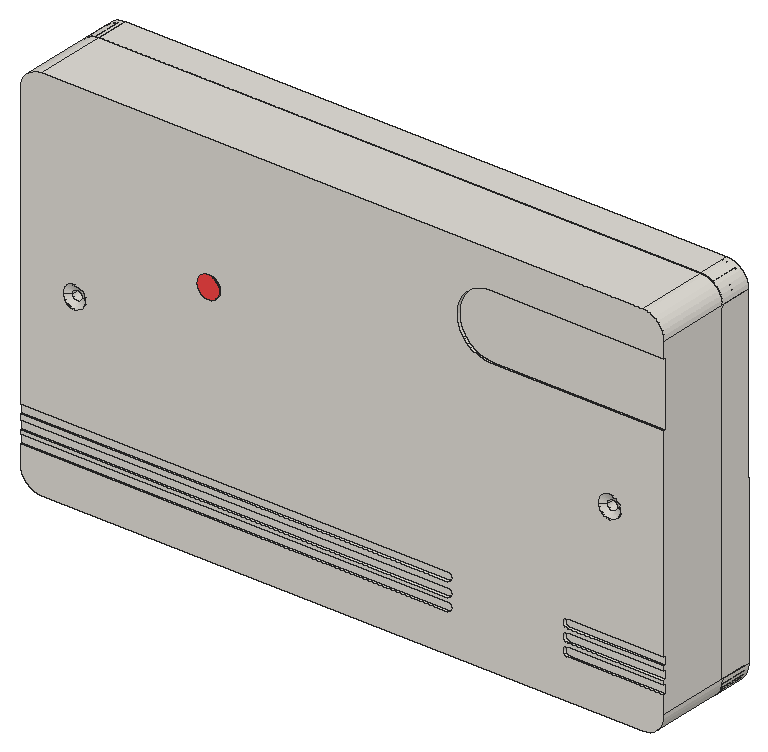
Revit family "TYCO-FPP-Zettler-DDM800 Universal fire and gas module", category Electrical Fixtures, Revit 2014
Parameters (values of type "TYCO-FPP-Zettler-DDM800 Universal fire and gas module")
  Width = 84 mm  # constant formula
  URL = "https://tycosafetyproducts-anz.com/public/Datasheet/120-415-963-ddm800-install.pdf"
  Type Comments = "An integral line\r\nisolator is incorporated in the module."
  Storage Temperature = "-40 to +80 oC"
  Sense Resistor = "Value 220 O hms"
  S = SS1
  Rear cover = yes
  RT = RT
  PCB = PCB
  Operating Temperature = "-25 to +70 oC"
  Operating Humidity = "Up to 95 % RH"
  Model = "Zettler - 577.800.006"
  Manufacturer = "Tyco"
  Loop Voltage Min = "28 V DC"
  Loop Voltage Max = "40 V DC"
  Length = 61 mm  # constant formula
  Keynote = "The DDM800 is compatible with MZX Consys version 15\r\nor later."
  Front cover = yes
  EOLs = "Conventional Circuit: 4,7 kOhms"
  Detector Circuit Supply Voltage = "22V nominal, 22.5V max"
  Detector Circuit Current Limit = "25 mA"
  Description = "The DDM800 provides the ability to connect and\r\ninterface 2 zones of conventional 2 wire fire detectors or\r\ntwo 4-20mA sensors to the MZX Fire alarm controllers."
Reference planes
  plane 1 "Center (Front/Back)": y = 0
  plane 2: z = 0
  plane 3 "Center (Left/Right)": x = 0
  plane 4: x = -42
  plane 5: x = 42
  plane 6: z = 30.5
  plane 7: z = -30.5
Forms (mm)
  Extrusion 1, solid, material "PCB" <- "PCB", detail levels fine
    sketch origin (0, 0, 0) x (1, 0, 0) y (0, 0, 1)
      loop
        line (-42, 30.5) -> (-42, -30.5) -> (42, -30.5) -> (42, 30.5) -> (-42, 30.5)
      loop
        circle (38.218, 27.142) r 1.142
      loop
        circle (38.218, -27.142) r 1.142
      loop
        circle (-38.218, 14.487) r 1.142
      loop
        circle (-38.218, -27.142) r 1.142
    from 0 to -0.547
  Extrusion 2, solid, detail levels fine
    sketch origin (0, 0, 0) x (1, 0, 0) y (0, 0, 1)
      loop
        circle (-28.075, 5.789) r 2.72
      loop
        circle (-18.075, 5.789) r 2.72
      loop
        circle (23.205, 5.789) r 2.72
      loop
        circle (36.346, 9.849) r 2.72
      loop
        circle (5.791, -24.211) r 2.72
    from 0 to 4.051
  Extrusion 3, solid, material "RT" <- "RT", detail levels fine
    sketch origin (0, 0, 0) x (1, 0, 0) y (0, 0, 1)
      loop
        line (37.735, 3.439) -> (32.735, 3.439) -> (32.735, 1.302) -> (37.735, 1.302) -> (37.735, 3.439)
      loop
        line (37.735, -11.518) -> (32.735, -11.518) -> (32.735, -14.402) -> (37.735, -14.402) -> (37.735, -11.518)
      loop
        line (21.816, -10.343) -> (14.338, -10.343) -> (14.338, -17.928) -> (21.816, -17.928) -> (21.816, -10.343)
      loop
        line (-24.977, 1.302) -> (-32.455, 1.302) -> (-32.455, -6.71) -> (-24.977, -6.71) -> (-24.977, 1.302)
      loop
        line (-35.126, -19.424) -> (-40.126, -19.424) -> (-40.126, -22.094) -> (-35.126, -22.094) -> (-35.126, -19.424)
      loop
        line (4.509, 17.221) -> (-1.473, 17.221) -> (-1.473, 10.063) -> (4.509, 10.063) -> (4.509, 17.221)
      loop
        line (-21.131, 17.221) -> (-21.131, 14.122) -> (-15.041, 14.122) -> (-15.041, 17.221) -> (-21.131, 17.221)
      loop
        line (-1.473, 1.302) -> (-1.473, -6.71) -> (6.005, -6.71) -> (6.005, 1.302) -> (-1.473, 1.302)
      loop
        line (-10.341, -12.907) -> (-18.567, -12.907) -> (-18.567, -19.424) -> (-10.341, -19.424) -> (-10.341, -12.907)
      loop
        line (-0.704, -15.41) -> (-0.704, -12.907) -> (-6.202, -12.907) -> (-6.202, -15.41) -> (-0.704, -15.41)
      loop
        line (-18.567, -28.045) -> (-15.769, -28.045) -> (-15.769, -22.094) -> (-18.567, -22.094) -> (-18.567, -28.045)
    from 0 to 0.639
  Extrusion 4, solid, material "RT(1)", detail levels fine
    sketch origin (0, 0, 0) x (1, 0, 0) y (0, 0, 1)
      loop
        line (6.958, 0.794) -> (6.958, -0.706) -> (9.609, -0.706) -> (9.609, 0.794) -> (6.958, 0.794)
      loop
        line (6.958, -1.437) -> (6.958, -2.937) -> (9.609, -2.937) -> (9.609, -1.437) -> (6.958, -1.437)
      loop
        line (6.958, -3.611) -> (6.958, -5.111) -> (9.609, -5.111) -> (9.609, -3.611) -> (6.958, -3.611)
    from 0 to 0.639
  Extrusion 5, solid, material "SS1" <- "S", detail levels fine
    sketch origin (-42, 46.672, 1219.2) x (0, 1, 0) y (0, 0, 1)
      loop
        line (-46.672, -1188.212) -> (-50.481, -1188.212) -> (-52.665, -1190.396) -> (-52.665, -1195.051) -> (-49.504, -1198.212) -> (-46.672, -1198.212) -> (-46.672, -1188.212)
    from 9.545 to 71.914
  Extrusion 6, solid, material "S(1)", detail levels fine
    sketch origin (-42, -3.558, 30.988) x (0, 1, 0) y (-1, 0, 0)
      loop
        line (-0.665, -10.64) -> (-2.126, -10.64) -> (-2.126, -13.562) -> (-0.665, -13.562) -> (-0.665, -10.64)
      loop
        line (-0.665, -14.057) -> (-2.126, -14.057) -> (-2.126, -16.98) -> (-0.665, -16.98) -> (-0.665, -14.057)
      loop
        line (-0.665, -17.497) -> (-2.126, -17.497) -> (-2.126, -20.42) -> (-0.665, -20.42) -> (-0.665, -17.497)
      loop
        line (-0.665, -20.915) -> (-2.126, -20.915) -> (-2.126, -23.837) -> (-0.665, -23.837) -> (-0.665, -20.915)
      loop
        line (-0.665, -24.347) -> (-2.126, -24.347) -> (-2.126, -27.269) -> (-0.665, -27.269) -> (-0.665, -24.347)
      loop
        line (-0.665, -27.764) -> (-2.126, -27.764) -> (-2.126, -30.687) -> (-0.665, -30.687) -> (-0.665, -27.764)
      loop
        line (-0.665, -31.204) -> (-2.126, -31.204) -> (-2.126, -34.127) -> (-0.665, -34.127) -> (-0.665, -31.204)
      loop
        line (-0.665, -34.622) -> (-2.126, -34.622) -> (-2.126, -37.544) -> (-0.665, -37.544) -> (-0.665, -34.622)
      loop
        line (-0.665, -38.064) -> (-2.126, -38.064) -> (-2.126, -40.986) -> (-0.665, -40.986) -> (-0.665, -38.064)
      loop
        line (-0.665, -71.036) -> (-0.665, -68.114) -> (-2.126, -68.114) -> (-2.126, -71.036) -> (-0.665, -71.036)
      loop
        line (-0.665, -67.44) -> (-0.665, -64.518) -> (-2.126, -64.518) -> (-2.126, -67.44) -> (-0.665, -67.44)
      loop
        line (-0.665, -63.866) -> (-0.665, -60.944) -> (-2.126, -60.944) -> (-2.126, -63.866) -> (-0.665, -63.866)
      loop
        line (-0.665, -60.278) -> (-0.665, -57.356) -> (-2.126, -57.356) -> (-2.126, -60.278) -> (-0.665, -60.278)
      loop
        line (-0.665, -56.705) -> (-0.665, -53.782) -> (-2.126, -53.782) -> (-2.126, -56.705) -> (-0.665, -56.705)
      loop
        line (-0.665, -53.108) -> (-0.665, -50.186) -> (-2.126, -50.186) -> (-2.126, -53.108) -> (-0.665, -53.108)
      loop
        line (-0.665, -49.535) -> (-0.665, -46.612) -> (-2.126, -46.612) -> (-2.126, -49.535) -> (-0.665, -49.535)
      loop
        line (-0.665, -45.936) -> (-0.665, -43.014) -> (-2.126, -43.014) -> (-2.126, -45.936) -> (-0.665, -45.936)
    from -2.706 to -0.488
  Extrusion 7, solid, material "S(1)", detail levels fine
    sketch origin (-42, -3.04, 21.196) x (0, -0.707107, 0.707107) y (-1, 0, 0)
      loop
        circle (1.88, -11.989) r 1.397
      loop
        circle (1.88, -15.458) r 1.397
      loop
        circle (1.88, -18.925) r 1.397
      loop
        circle (1.88, -22.393) r 1.397
      loop
        circle (1.88, -25.848) r 1.397
      loop
        circle (1.88, -29.316) r 1.397
      loop
        circle (1.88, -32.784) r 1.397
      loop
        circle (1.88, -36.174) r 1.397
      loop
        circle (1.88, -39.511) r 1.397
      loop
        circle (1.88, -69.792) r 1.397
      loop
        circle (1.88, -66.169) r 1.397
      loop
        circle (1.88, -62.544) r 1.397
      loop
        circle (1.88, -59.089) r 1.397
      loop
        circle (1.88, -55.465) r 1.397
      loop
        circle (1.88, -51.841) r 1.397
      loop
        circle (1.88, -48.295) r 1.397
      loop
        circle (1.88, -44.489) r 1.397
    from -0.508 to 0.433
Cuts and joins
  joined: Extrusion 6, Extrusion 7
Lines and regions (mm)
  model lines, detail levels fine
    curve 1: line (-34.583, 0, 11.31) -> (-5.738, 0, 11.31)
    curve 2: line (-5.738, 0, 11.31) -> (-4.443, 0, 6.48)
    curve 3: line (-4.443, 0, 6.48) -> (5.557, 0, 6.48)
    curve 4: line (-34.583, 0, 11.81) -> (-5.354, 0, 11.81)
    curve 5: line (-5.354, 0, 11.81) -> (-4.06, 0, 6.98)
    curve 6: line (-4.06, 0, 6.98) -> (5.557, 0, 6.98)
    curve 7: line (-38.254, 0, 6.48) -> (-38.254, 0, -13.52)
    curve 8: line (-38.254, 0, -13.52) -> (-28.254, 0, -13.52)
    curve 9: line (-28.254, 0, -13.52) -> (-24.718, 0, -17.056)
    curve 10: line (-24.718, 0, -17.056) -> (-18.567, 0, -17.056)
    curve 11: line (-37.754, 0, 6.48) -> (-37.754, 0, -13.02)
    curve 12: line (-37.754, 0, -13.02) -> (-28.047, 0, -13.02)
    curve 13: line (-28.047, 0, -13.02) -> (-24.511, 0, -16.556)
    curve 14: line (-24.511, 0, -16.556) -> (-18.567, 0, -16.556)
    curve 15: line (-35.2, 0, -9.374) -> (-26.542, 0, -9.374)
    curve 16: line (-26.542, 0, -9.374) -> (-23.329, 0, -12.587)
    curve 17: line (-23.329, 0, -12.587) -> (-18.788, 0, -12.587)
    curve 18: line (-35.2, 0, -9.874) -> (-26.75, 0, -9.874)
    curve 19: line (-26.75, 0, -9.874) -> (-23.536, 0, -13.087)
    curve 20: line (-23.536, 0, -13.087) -> (-18.788, 0, -13.087)
    curve 21: line (-22.88, 0, -5.089) -> (-10.185, 0, -5.089)
    curve 22: line (-10.185, 0, -5.089) -> (-8.855, 0, -2.784)
    curve 23: line (-8.855, 0, -2.784) -> (-7.052, 0, -2.784)
    curve 24: line (-22.88, 0, -4.589) -> (-10.474, 0, -4.589)
    curve 25: line (-10.474, 0, -4.589) -> (-9.143, 0, -2.284)
    curve 26: line (-9.143, 0, -2.284) -> (-7.052, 0, -2.284)
    curve 27: line (-7.052, 0, -19.347) -> (-7.052, 0, -24.976)
    curve 28: line (-5.309, 0, -26.718) -> (4.738, 0, -26.718)
    curve 29: line (-6.552, 0, -19.347) -> (-6.552, 0, -24.803)
    curve 30: line (-5.136, 0, -26.218) -> (4.738, 0, -26.218)
    curve 31: arc (-6.552, 0, -24.803) -> (-6.137, 0, -25.804) -> (-5.136, 0, -26.218) r 1.415
    curve 32: arc (-7.052, 0, -24.976) -> (-6.541, 0, -26.208) -> (-5.309, 0, -26.718) r 1.743
    curve 33: line (2.477, 0, -19.347) -> (11.655, 0, -19.347)
    curve 34: line (11.655, 0, -19.347) -> (15.985, 0, -21.847)
    curve 35: line (15.985, 0, -21.847) -> (27.414, 0, -21.847)
    curve 36: line (27.414, 0, -21.847) -> (29.914, 0, -19.347)
    curve 37: line (29.914, 0, -19.347) -> (36.149, 0, -19.347)
    curve 38: line (2.477, 0, -19.847) -> (11.521, 0, -19.847)
    curve 39: line (11.521, 0, -19.847) -> (15.851, 0, -22.347)
    curve 40: line (15.851, 0, -22.347) -> (27.621, 0, -22.347)
    curve 41: line (27.621, 0, -22.347) -> (30.121, 0, -19.847)
    curve 42: line (30.121, 0, -19.847) -> (36.161, 0, -19.847)
    curve 43: line (13.548, 0, -24.62) -> (33.548, 0, -24.62)
    curve 44: line (13.548, 0, -25.12) -> (33.569, 0, -25.12)
    curve 45: line (14.189, 0, 0.994) -> (24.189, 0, 0.994)
    curve 46: line (24.189, 0, 0.994) -> (34.725, 0, -5.089)
    curve 47: line (34.725, 0, -5.089) -> (34.725, 0, -11.518)
    curve 48: line (14.189, 0, 1.494) -> (24.323, 0, 1.494)
    curve 49: line (24.323, 0, 1.494) -> (35.225, 0, -4.8)
    curve 50: line (35.225, 0, -4.8) -> (35.225, 0, -11.518)
    curve 51: line (12.235, 0, -3.709) -> (22.985, 0, -3.709)
    curve 52: line (22.985, 0, -3.709) -> (26.857, 0, -5.945)
    curve 53: line (26.857, 0, -5.945) -> (31.353, 0, -5.945)
    curve 54: line (12.235, 0, -4.209) -> (22.851, 0, -4.209)
    curve 55: line (22.851, 0, -4.209) -> (26.723, 0, -6.445)
    curve 56: line (26.723, 0, -6.445) -> (31.353, 0, -6.445)
    curve 57: line (9.725, 0, 11.81) -> (29.725, 0, 11.81)
    curve 58: line (29.725, 0, 11.81) -> (31.353, 0, 14.63)
    curve 59: line (31.353, 0, 14.63) -> (40.676, 0, 14.63)
    curve 60: line (9.725, 0, 12.31) -> (29.437, 0, 12.31)
    curve 61: line (29.437, 0, 12.31) -> (31.065, 0, 15.13)
    curve 62: line (31.065, 0, 15.13) -> (40.676, 0, 15.13)
    curve 63: line (-34.583, 0, 11.31) -> (-35.541, 0, 11.31)
    curve 64: line (-34.583, 0, 12.388) -> (-34.583, 0, 11.31)
    curve 65: line (-35.541, 0, 12.388) -> (-34.583, 0, 12.388)
    curve 66: line (-35.541, 0, 11.31) -> (-35.541, 0, 12.388)
    curve 67: line (-38.254, 0, 6.48) -> (-37.272, 0, 6.48)
    curve 68: line (-38.254, 0, 7.52) -> (-38.254, 0, 6.48)
    curve 69: line (-37.272, 0, 7.52) -> (-38.254, 0, 7.52)
    curve 70: line (-37.272, 0, 6.48) -> (-37.272, 0, 7.52)
    curve 71: line (5.557, 0, 6.48) -> (6.91, 0, 6.48)
    curve 72: line (5.557, 0, 7.986) -> (5.557, 0, 6.48)
    curve 73: line (6.91, 0, 7.986) -> (5.557, 0, 7.986)
    curve 74: line (6.91, 0, 6.48) -> (6.91, 0, 7.986)
    curve 75: line (9.725, 0, 11.81) -> (8.368, 0, 11.81)
    curve 76: line (9.725, 0, 13.422) -> (9.725, 0, 11.81)
    curve 77: line (8.368, 0, 13.422) -> (9.725, 0, 13.422)
    curve 78: line (8.368, 0, 11.81) -> (8.368, 0, 13.422)
    curve 79: line (40.676, 0, 14.63) -> (41.036, 0, 14.63)
    curve 80: line (40.676, 0, 18.006) -> (40.676, 0, 15.13)
    curve 81: line (41.036, 0, 18.006) -> (40.676, 0, 18.006)
    curve 82: line (41.036, 0, 14.63) -> (41.036, 0, 18.006)
    curve 83: line (14.189, 0, 0.994) -> (12.235, 0, 0.994)
    curve 84: line (14.189, 0, 3.41) -> (14.189, 0, 0.994)
    curve 85: line (12.235, 0, 3.41) -> (14.189, 0, 3.41)
    curve 86: line (12.235, 0, 0.994) -> (12.235, 0, 3.41)
    curve 87: line (12.235, 0, -4.209) -> (11.296, 0, -4.209)
    curve 88: line (12.235, 0, -3.29) -> (12.235, 0, -4.209)
    curve 89: line (11.296, 0, -3.29) -> (12.235, 0, -3.29)
    curve 90: line (11.296, 0, -4.209) -> (11.296, 0, -3.29)
    curve 91: line (31.353, 0, -5.945) -> (32.336, 0, -5.945)
    curve 92: line (31.353, 0, -7.372) -> (31.353, 0, -5.945)
    curve 93: line (32.336, 0, -7.372) -> (31.353, 0, -7.372)
    curve 94: line (32.336, 0, -5.945) -> (32.336, 0, -7.372)
    curve 95: circle (-6.441, 0, -2.515) r 0.864 normal (0, -1, 0)
    curve 96: circle (-23.458, 0, -4.859) r 0.818 normal (0, -1, 0)
    curve 97: line (-35.2, 0, -9.874) -> (-36.218, 0, -9.874)
    curve 98: line (-35.2, 0, -8.494) -> (-35.2, 0, -9.874)
    curve 99: line (-36.218, 0, -8.494) -> (-35.2, 0, -8.494)
    curve 100: line (-36.218, 0, -9.874) -> (-36.218, 0, -8.494)
    curve 101: line (-7.052, 0, -19.347) -> (-5.443, 0, -19.347)
    curve 102: line (-7.052, 0, -18.028) -> (-7.052, 0, -19.347)
    curve 103: line (-5.443, 0, -18.028) -> (-7.052, 0, -18.028)
    curve 104: line (-5.443, 0, -19.347) -> (-5.443, 0, -18.028)
    curve 105: line (2.477, 0, -19.847) -> (1.451, 0, -19.847)
    curve 106: line (2.477, 0, -18.453) -> (2.477, 0, -19.847)
    curve 107: line (1.451, 0, -18.453) -> (2.477, 0, -18.453)
    curve 108: line (1.451, 0, -19.847) -> (1.451, 0, -18.453)
    curve 109: line (13.548, 0, -25.12) -> (11.779, 0, -25.12)
    curve 110: line (13.548, 0, -23.973) -> (13.548, 0, -25.12)
    curve 111: line (11.779, 0, -23.973) -> (13.548, 0, -23.973)
    curve 112: line (11.779, 0, -25.12) -> (11.779, 0, -23.973)
    curve 113: circle (34.418, 0, -24.835) r 0.896 normal (0, -1, 0)
    curve 114: circle (37.021, 0, -19.576) r 0.901 normal (0, -1, 0)
  model lines, detail levels coarse+medium
    curve 115: line (-42, 0, 30.5) -> (42, 0, 30.5)
    curve 116: line (-42, 0, -30.5) -> (-42, 0, 30.5)
    curve 117: line (42, 0, -30.5) -> (-42, 0, -30.5)
    curve 118: line (42, 0, 30.5) -> (42, 0, -30.5)
Dimensions and locks
  equal spacing: plane 4, plane 3 "Center (Left/Right)", plane 5
  "Width": plane 4 to plane 5
  equal spacing: plane 6, plane 2, plane 7
  "Length": plane 6 to plane 7
  aligned and locked: level to plane 2
  aligned and locked: Extrusion 1 sketch curve to plane 6
  aligned and locked: plane 4 to Extrusion 1 sketch curve
  aligned and locked: Extrusion 1 sketch curve to plane 7
  aligned and locked: plane 5 to Extrusion 1 sketch curve
  aligned and locked: plane 1 "Center (Front/Back)" to Extrusion 1
  aligned and locked: Extrusion 2 to plane 1 "Center (Front/Back)"
  aligned and locked: Extrusion 3 to plane 1 "Center (Front/Back)"
  aligned and locked: Extrusion 4 to plane 1 "Center (Front/Back)"
  aligned and locked: curve 115 to plane 6
  aligned and locked: plane 5 to curve 118
  aligned and locked: curve 117 to plane 7
  aligned and locked: plane 4 to curve 116
  aligned and locked: plane 3 "Center (Left/Right)" to nested 1
  aligned and locked: nested 1 to Extrusion 1
  aligned and locked: plane 2 to nested 1
  aligned and locked: nested 2 to nested 1
  aligned and locked: plane 3 "Center (Left/Right)" to nested 2
  aligned and locked: plane 2 to nested 2
Automatic sketch dimensions
  plane 4 to Extrusion 1 sketch curve = 3.782 mm  (x2)
  plane 5 to Extrusion 1 sketch curve = 3.782 mm  (x2)
  Extrusion 1 sketch curve to plane 7 = 3.358 mm  (x2)
  Extrusion 1 sketch curve to plane 6 = 3.358 mm
  Extrusion 1 sketch curve to plane 6 = 16.013 mm
  level to Extrusion 2 sketch curve = 5.789 mm  (x3)
  plane 4 to Extrusion 2 sketch curve = 13.925 mm
  Extrusion 2 sketch curve to Extrusion 2 sketch curve = 10 mm
  Extrusion 2 sketch curve to plane 7 = 6.289 mm
  plane 5 to Extrusion 2 sketch curve = 36.209 mm
  plane 5 to Extrusion 2 sketch curve = 18.795 mm
  plane 5 to Extrusion 2 sketch curve = 5.654 mm
  level to Extrusion 2 sketch curve = 9.849 mm
  plane 4 to Extrusion 3 sketch curve = 1.874 mm
  Extrusion 3 sketch curve to Extrusion 3 sketch curve = 5 mm
  plane 4 to Extrusion 3 sketch curve = 9.545 mm
  level to Extrusion 3 sketch curve = 1.302 mm  (x3)
  Extrusion 3 sketch curve to Extrusion 3 sketch curve = 7.478 mm  (x2)
  Extrusion 3 sketch curve to Extrusion 3 sketch curve = 3.846 mm
  Extrusion 3 sketch curve to plane 7 = 2.455 mm
  Extrusion 3 sketch curve to Extrusion 3 sketch curve = 16.559 mm
  Extrusion 3 sketch curve to Extrusion 3 sketch curve = 6.41 mm
  Extrusion 3 sketch curve to Extrusion 3 sketch curve = 2.798 mm
  Extrusion 3 sketch curve to Extrusion 3 sketch curve = 6.09 mm
  Extrusion 3 sketch curve to Extrusion 3 sketch curve = 8.226 mm
  Extrusion 3 sketch curve to Extrusion 3 sketch curve = 4.139 mm
  Extrusion 3 sketch curve to plane 3 "Center (Left/Right)" = 1.473 mm  (x2)
  Extrusion 3 sketch curve to plane 3 "Center (Left/Right)" = 0.704 mm
  plane 3 "Center (Left/Right)" to Extrusion 3 sketch curve = 4.509 mm
  plane 3 "Center (Left/Right)" to Extrusion 3 sketch curve = 6.005 mm
  Extrusion 3 sketch curve to Extrusion 3 sketch curve = 8.333 mm
  level to Extrusion 3 sketch curve = 3.439 mm
  plane 5 to Extrusion 3 sketch curve = 9.265 mm  (x2)
  plane 5 to Extrusion 3 sketch curve = 4.265 mm  (x2)
  Extrusion 3 sketch curve to Extrusion 3 sketch curve = 5.951 mm
  Extrusion 3 sketch curve to plane 7 = 8.406 mm
  Extrusion 3 sketch curve to Extrusion 3 sketch curve = 2.671 mm  (x2)
  Extrusion 3 sketch curve to plane 7 = 12.572 mm
  Extrusion 3 sketch curve to Extrusion 3 sketch curve = 4.014 mm
  Extrusion 3 sketch curve to Extrusion 3 sketch curve = 3.526 mm
  Extrusion 3 sketch curve to Extrusion 3 sketch curve = 2.503 mm  (x2)
  Extrusion 3 sketch curve to Extrusion 3 sketch curve = 2.885 mm
  Extrusion 3 sketch curve to Extrusion 3 sketch curve = 7.585 mm
  Extrusion 3 sketch curve to Extrusion 3 sketch curve = 6.196 mm
  Extrusion 3 sketch curve to level = 6.71 mm
  Extrusion 3 sketch curve to Extrusion 3 sketch curve = 8.76 mm
  Extrusion 3 sketch curve to Extrusion 3 sketch curve = 12.82 mm
  Extrusion 3 sketch curve to Extrusion 3 sketch curve = 7.158 mm
  Extrusion 3 sketch curve to Extrusion 3 sketch curve = 3.098 mm
  level to Extrusion 4 sketch curve = 0.794 mm
  plane 3 "Center (Left/Right)" to Extrusion 4 sketch curve = 6.958 mm
  Extrusion 4 sketch curve to Extrusion 4 sketch curve = 0 mm  (x4)
  Extrusion 4 sketch curve to Extrusion 4 sketch curve = 2.651 mm
  Extrusion 4 sketch curve to level = 0.706 mm
  Extrusion 4 sketch curve to Extrusion 4 sketch curve = 0.731 mm
  Extrusion 4 sketch curve to Extrusion 4 sketch curve = 1.5 mm  (x2)
  Extrusion 4 sketch curve to Extrusion 4 sketch curve = 0.674 mm
  Extrusion 5 sketch curve to plane 1 "Center (Front/Back)" = 0 mm
  Extrusion 5 sketch curve to Extrusion 5 sketch curve = 2.832 mm
  plane 6 to Extrusion 5 sketch curve = 0.488 mm
  Extrusion 5 sketch curve to Extrusion 5 sketch curve = 3.809 mm
  Extrusion 5 sketch curve to Extrusion 5 sketch curve = 3.161 mm  (x2)
  Extrusion 5 sketch curve to plane 6 = 1.696 mm
  Extrusion 5 sketch curve to Extrusion 5 sketch curve = 4.655 mm
  Extrusion 5 to Extrusion 6 sketch curve = 1.875 mm  (x2)
  Extrusion 6 sketch curve to Extrusion 6 sketch curve = 0 mm  (x15)
  Extrusion 5 to Extrusion 6 sketch curve = 0.414 mm  (x17)
  Extrusion 6 sketch curve to Extrusion 6 sketch curve = 2.922 mm  (x17)
  Extrusion 6 sketch curve to Extrusion 6 sketch curve = 0.674 mm  (x2)
  Extrusion 6 sketch curve to Extrusion 6 sketch curve = 0.651 mm  (x3)
  Extrusion 6 sketch curve to Extrusion 6 sketch curve = 0.666 mm
  Extrusion 6 sketch curve to Extrusion 6 sketch curve = 0.676 mm
  Extrusion 6 sketch curve to Extrusion 6 sketch curve = 2.027 mm
  Extrusion 6 sketch curve to Extrusion 6 sketch curve = 0.52 mm
  Extrusion 6 sketch curve to Extrusion 6 sketch curve = 0.495 mm  (x4)
  Extrusion 6 sketch curve to Extrusion 6 sketch curve = 0.518 mm  (x2)
  Extrusion 6 sketch curve to Extrusion 6 sketch curve = 0.51 mm
  Extrusion 5 to Extrusion 6 sketch curve = 1.095 mm
  Extrusion 7 sketch curve to Extrusion 5 = 2.175 mm  (x17)
  Extrusion 5 to Extrusion 7 sketch curve = 2.122 mm
  Extrusion 7 sketch curve to Extrusion 7 sketch curve = 3.624 mm  (x4)
  Extrusion 7 sketch curve to Extrusion 7 sketch curve = 3.455 mm  (x2)
  Extrusion 7 sketch curve to Extrusion 7 sketch curve = 3.546 mm
  Extrusion 7 sketch curve to Extrusion 7 sketch curve = 3.806 mm
  Extrusion 7 sketch curve to Extrusion 7 sketch curve = 4.977 mm
  Extrusion 7 sketch curve to Extrusion 7 sketch curve = 3.338 mm
  Extrusion 7 sketch curve to Extrusion 7 sketch curve = 3.39 mm
  Extrusion 7 sketch curve to Extrusion 7 sketch curve = 3.467 mm  (x2)
  Extrusion 7 sketch curve to Extrusion 7 sketch curve = 3.468 mm  (x2)
  Extrusion 5 to Extrusion 7 sketch curve = 2.445 mm
  plane 4 to curve 69 = 3.746 mm
  curve 7 to curve 11 = 0.5 mm  (x2)
  curve 11 to curve 70 = 0.482 mm
  curve 11 to curve 100 = 1.536 mm
  curve 69 to curve 66 = 1.732 mm
  curve 99 to curve 98 = 1.018 mm
  curve 65 to curve 65 = 0.958 mm
  curve 18 to curve 9 = 6.946 mm
  curve 8 to curve 12 = 0.207 mm
  curve 12 to curve 19 = 1.297 mm
  curve 18 to curve 16 = 0.207 mm
  curve 8 to curve 9 = 3.536 mm
  curve 9 to curve 13 = 0.207 mm
  curve 13 to curve 20 = 0.975 mm
  curve 15 to curve 96 = 3.084 mm
  curve 19 to curve 17 = 0.207 mm
  curve 25 to level = 4.589 mm
  curve 25 to plane 3 "Center (Left/Right)" = 10.474 mm
  curve 22 to level = 5.089 mm
  curve 24 to curve 22 = 0.289 mm
  curve 25 to level = 2.284 mm
  curve 24 to curve 25 = 1.331 mm
  curve 25 to curve 23 = 0.289 mm
  curve 102 to plane 3 "Center (Left/Right)" = 7.052 mm
  curve 27 to curve 29 = 0.5 mm
  curve 22 to curve 95 = 2.414 mm
  curve 1 to plane 3 "Center (Left/Right)" = 5.738 mm
  curve 102 to curve 104 = 1.608 mm
  curve 1 to curve 4 = 0.384 mm
  curve 31 to curve 28 = 1.243 mm
  curve 32 to curve 30 = 0.173 mm
  curve 2 to plane 3 "Center (Left/Right)" = 4.443 mm
  curve 2 to curve 6 = 0.384 mm
  plane 3 "Center (Left/Right)" to curve 108 = 1.451 mm
  curve 105 to curve 106 = 1.026 mm
  plane 3 "Center (Left/Right)" to curve 72 = 5.557 mm
  curve 72 to curve 74 = 1.354 mm
  curve 73 to curve 77 = 1.458 mm
  curve 75 to curve 75 = 1.357 mm
  curve 90 to level = 4.209 mm
  plane 3 "Center (Left/Right)" to curve 90 = 11.296 mm
  curve 38 to curve 39 = 9.044 mm
  curve 38 to curve 34 = 0.134 mm
  curve 38 to curve 112 = 0.259 mm
  curve 89 to curve 88 = 0.939 mm
  curve 71 to curve 86 = 5.324 mm
  curve 111 to curve 110 = 1.769 mm
  curve 83 to curve 84 = 1.955 mm
  curve 110 to curve 40 = 2.303 mm
  curve 39 to curve 35 = 0.134 mm
  curve 45 to curve 54 = 8.662 mm
  curve 54 to curve 51 = 0.134 mm
  level to curve 45 = 0.994 mm
  curve 51 to curve 45 = 1.204 mm
  level to curve 49 = 1.494 mm
  curve 45 to curve 49 = 0.134 mm
  curve 54 to curve 56 = 3.872 mm
  curve 55 to curve 53 = 0.134 mm
  curve 34 to curve 36 = 11.429 mm
  curve 35 to curve 40 = 0.207 mm
  curve 48 to curve 60 = 5.113 mm
  curve 60 to curve 58 = 0.289 mm
  curve 35 to curve 37 = 2.5 mm
  curve 36 to curve 41 = 0.207 mm
  curve 60 to curve 62 = 1.628 mm
  curve 61 to curve 59 = 0.289 mm
  curve 52 to curve 93 = 4.496 mm
  curve 53 to curve 94 = 0.982 mm
  curve 41 to curve 113 = 4.297 mm
  curve 91 to curve 47 = 2.39 mm
  curve 46 to curve 49 = 0.5 mm
  plane 5 to curve 114 = 4.979 mm
  plane 5 to curve 80 = 1.324 mm
  curve 62 to curve 79 = 0 mm
  curve 59 to curve 79 = 0.361 mm
  curve 91 to level = 5.945 mm
  curve 56 to curve 52 = 0.5 mm
  curve 92 to curve 56 = 0.927 mm
  curve 99 to level = 8.494 mm
  curve 15 to curve 21 = 4.285 mm
  curve 18 to curve 15 = 0.5 mm
  curve 17 to curve 18 = 2.713 mm
  curve 11 to curve 97 = 3.146 mm
  curve 20 to curve 16 = 0.5 mm
  curve 13 to curve 19 = 3.468 mm
  curve 10 to curve 13 = 0.5 mm
  curve 102 to curve 10 = 0.972 mm
  curve 106 to curve 103 = 0.425 mm
  curve 37 to plane 7 = 11.153 mm
  curve 102 to curve 102 = 1.319 mm
  curve 34 to curve 106 = 0.894 mm
  curve 114 to curve 37 = 0.229 mm
  curve 106 to curve 33 = 0.5 mm
  curve 41 to curve 36 = 0.5 mm
  curve 34 to curve 38 = 2 mm
  curve 39 to curve 34 = 0.5 mm
  curve 111 to curve 39 = 1.626 mm
  curve 29 to curve 29 = 5.456 mm
  curve 113 to curve 42 = 4.989 mm
  curve 27 to curve 29 = 0.173 mm
  curve 110 to curve 110 = 1.147 mm
  curve 91 to curve 46 = 0.856 mm
  curve 21 to curve 96 = 0.23 mm
  curve 46 to curve 49 = 0.289 mm
  curve 54 to curve 52 = 0.5 mm
  curve 51 to curve 88 = 0.419 mm
  curve 23 to curve 25 = 0.5 mm
  curve 95 to curve 26 = 0.231 mm
  curve 83 to curve 85 = 2.416 mm
  level to curve 3 = 6.48 mm
  level to curve 7 = 6.48 mm
  curve 2 to curve 6 = 0.5 mm
  curve 7 to curve 69 = 1.04 mm
  curve 6 to curve 72 = 1.006 mm
  curve 69 to curve 63 = 3.79 mm
  curve 48 to curve 57 = 10.315 mm
  curve 1 to curve 4 = 0.5 mm
  curve 57 to curve 60 = 0.5 mm
  curve 4 to curve 64 = 0.578 mm
  curve 75 to curve 77 = 1.612 mm
  curve 60 to curve 59 = 2.32 mm
  curve 58 to curve 61 = 0.5 mm
  curve 62 to curve 81 = 2.876 mm
  curve 96 to curve 21 = 0.578 mm
  curve 24 to curve 21 = 0 mm
  curve 16 to curve 17 = 4.541 mm
  curve 17 to curve 20 = 0 mm
  curve 20 to curve 14 = 0.221 mm
  curve 14 to curve 10 = 0 mm
  curve 26 to curve 95 = 0.611 mm
  curve 26 to curve 23 = 0 mm
  plane 3 "Center (Left/Right)" to curve 30 = 4.738 mm
  curve 30 to curve 28 = 0 mm
  curve 43 to curve 113 = 0.869 mm
  curve 43 to curve 44 = 0.02 mm
  curve 37 to curve 114 = 0.872 mm
  curve 47 to curve 93 = 4.146 mm
  curve 50 to curve 47 = 0 mm
  radius of Extrusion 1 sketch curve = 1.142 mm  (x4)
  radius of Extrusion 2 sketch curve = 2.72 mm  (x5)
  radius of Extrusion 7 sketch curve = 1.397 mm  (x17)
  radius of curve 95 = 0.864 mm
  radius of curve 96 = 0.818 mm
Nested families
  nested 1: "517.035.007" at (0, 0.547, 0), visible <- "Front cover", type "517.035.007 cover"
    with Front Cover yes
  nested 2: "517.035.010 rear cover" at (0, -5.817, -7.5), visible <- "Rear cover", type "517.035.010 back box"
    with Rear cover yes
Connectors
  electrical at (0, 0.547, 0)
    settings: on Extrusion 1, index 1, voltage 24 V, apparent load 0 VA, apparent load phase1 0 VA, apparent load phase2 0 VA, apparent load phase3 0 VA, power factor 1, load classification "Other", number of poles 1, system type 31, power factor state 1, is connector primary yes, connector utility no, sub classification motor no, connector description ""
Definition of nested family "517.035.007"
  Parameters (values of type "517.035.007 cover")
    X = 2 mm
    W = 148 mm
    Type Comments = "M520 Ancillary cover for use with 800 series modules.\r\nWill fit onto a MK style double gang back box."
    Model = "517.035.007"
    Material = Cover
    Manufacturer = "Tyco"
    L = 87 mm
    Front Cover [instance] = yes
    Description = "M520 Ancillary Cover"
    D = 23 mm
  Reference planes
    plane 1 "Center (Front/Back)": y = 0
    plane 2: z = 0
    plane 3 "Center (Left/Right)": x = 0
    plane 4: x = -74
    plane 5: x = 74
    plane 6: x = 61.5
    plane 7: z = 43.5
    plane 8: z = -43.5
    plane 9: y = -23
  Forms (mm)
    Extrusion 1, solid, material "Cover" <- "Material", visible <- "Front Cover", detail levels fine
      sketch origin (0, -23.027, 0) x (1, 0, 0) y (0, 0, 1)
        loop
          arc (-69, 43.5) -> (-72.536, 42.036) -> (-74, 38.5) r 5
          line (-74, 38.5) -> (-74, -38.5)
          arc (-74, -38.5) -> (-72.536, -42.036) -> (-69, -43.5) r 5
          line (-69, -43.5) -> (69, -43.5)
          arc (69, -43.5) -> (72.536, -42.036) -> (74, -38.5) r 5
          line (74, -38.5) -> (74, 38.5)
          arc (74, 38.5) -> (72.536, 42.036) -> (69, 43.5) r 5
          line (69, 43.5) -> (-69, 43.5)
      from -23 to 0
    Extrusion 2, void
      sketch origin (0, -23.027, 0) x (-1, 0, 0) y (0, 0, 1)
        loop
          line (74, -26.396) -> (-24.324, -26.396)
          arc (-24.324, -26.396) -> (-25.324, -27.396) -> (-24.324, -28.396) r 1
          line (-24.324, -28.396) -> (74, -28.396) -> (74, -26.396)
        loop
          line (74, -29.671) -> (-24.324, -29.671)
          arc (-24.324, -29.671) -> (-25.324, -30.671) -> (-24.324, -31.671) r 1
          line (-24.324, -31.671) -> (74, -31.671) -> (74, -29.671)
        loop
          line (74, -32.583) -> (-24.324, -32.583)
          arc (-24.324, -32.583) -> (-25.324, -33.583) -> (-24.324, -34.583) r 1
          line (-24.324, -34.583) -> (74, -34.583) -> (74, -32.583)
        loop
          line (-51.834, -26.396) -> (-74, -26.396) -> (-74, -28.396) -> (-51.834, -28.396)
          arc (-51.834, -28.396) -> (-50.834, -27.396) -> (-51.834, -26.396) r 1
        loop
          line (-51.834, -29.305) -> (-74, -29.305) -> (-74, -31.305) -> (-51.834, -31.305)
          arc (-51.834, -31.305) -> (-50.834, -30.305) -> (-51.834, -29.305) r 1
        loop
          line (-51.834, -32.254) -> (-74, -32.254) -> (-74, -34.254) -> (-51.834, -34.254)
          arc (-51.834, -34.254) -> (-50.834, -33.254) -> (-51.834, -32.254) r 1
        loop
          line (-74, 34.995) -> (-74, 19.995) -> (-34, 19.995)
          arc (-34, 19.995) -> (-26.5, 27.495) -> (-34, 34.995) r 7.5
          line (-34, 34.995) -> (-74, 34.995)
      from 0 to 0.563
    Revolve 3, void
      sketch origin (0, -23.027, 0) x (0, -1, 0) y (1, 0, 0)
        loop
          line (-3.575, 61.5) -> (0, 61.5) -> (0, 64.045) -> (-0.836, 62.678) -> (-3.575, 62.678) -> (-3.575, 61.5)
        axis (-3.575, 61.5) -> (0, 61.5)
      angle from 0 to 360
    Extrusion 4, solid, material "LED RED", detail levels fine
      sketch origin (0, -23.027, 0) x (1, 0, 0) y (0, 0, 1)
        loop
          circle (-30.624, 12.978) r 2.558
      from -1.293 to 0.174
    Extrusion 5, void
      sketch origin (-94.576, -0.027, -4572) x (1, 0, 0) y (0, 0, -1)
        loop
          line (26.703, -4612.567) -> (162.316, -4612.567)
          arc (162.316, -4612.567) -> (164.664, -4611.594) -> (165.637, -4609.246) r 3.321
          line (165.637, -4609.246) -> (165.637, -4534.612)
          arc (165.637, -4534.612) -> (164.589, -4532.082) -> (162.058, -4531.033) r 3.578
          line (162.058, -4531.033) -> (27.05, -4531.033)
          arc (27.05, -4531.033) -> (24.499, -4532.09) -> (23.442, -4534.641) r 3.608
          line (23.442, -4534.641) -> (23.442, -4609.306)
          arc (23.442, -4609.306) -> (24.397, -4611.612) -> (26.703, -4612.567) r 3.261
      from 0 to -19.425
    Revolve 6, void
      sketch origin (0, -23.027, 0) x (0, 1, 0) y (-1, 0, 0)
        loop
          line (3.575, 61.5) -> (3.575, 62.678) -> (0.836, 62.678) -> (0, 64.045) -> (0, 61.5) -> (3.575, 61.5)
        axis (3.575, 61.5) -> (0, 61.5)
      angle from 0 to 360
  Cuts and joins
    Extrusion 2, Revolve 3, Extrusion 5, Revolve 6 cuts Extrusion 1
  Dimensions and locks
    equal spacing: plane 4, plane 3 "Center (Left/Right)", plane 5
    "W": plane 4 to plane 5
    locked: plane 5 to plane 6 at 12.5
    equal spacing: plane 7, level, plane 8
    "L": plane 7 to plane 8
    "D": plane 9 to plane 1 "Center (Front/Back)"
    aligned and locked: plane 2 to level
    aligned and locked: Extrusion 1 to Extrusion 5
    aligned and locked: Extrusion 1 sketch curve to plane 7
    aligned and locked: plane 4 to Extrusion 1 sketch curve
    aligned and locked: Extrusion 1 sketch curve to plane 8
    aligned and locked: Extrusion 1 to Extrusion 2
  Automatic sketch dimensions
    plane 5 to Extrusion 1 sketch curve = 0 mm
    plane 4 to Extrusion 1 sketch curve = 5 mm  (x2)
    plane 5 to Extrusion 1 sketch curve = 5 mm
    Extrusion 1 sketch curve to Extrusion 1 sketch curve = 5 mm
    plane 5 to Extrusion 2 sketch curve = 0 mm  (x4)
    Extrusion 2 sketch curve to plane 4 = 0 mm  (x3)
    Extrusion 2 sketch curve to plane 6 = 9.666 mm
    Extrusion 2 sketch curve to Extrusion 2 sketch curve = 0 mm  (x4)
    Extrusion 2 sketch curve to plane 6 = 27.5 mm
    Extrusion 2 sketch curve to plane 8 = 9.917 mm
    plane 3 "Center (Left/Right)" to Extrusion 2 sketch curve = 24.324 mm
    Extrusion 2 sketch curve to plane 8 = 9.246 mm
    Extrusion 2 sketch curve to plane 8 = 8.917 mm
    Extrusion 2 sketch curve to Extrusion 2 sketch curve = 1 mm  (x5)
    Extrusion 2 sketch curve to Extrusion 2 sketch curve = 0.912 mm
    Extrusion 2 sketch curve to Extrusion 2 sketch curve = 0.95 mm
    Extrusion 2 sketch curve to Extrusion 2 sketch curve = 0.908 mm
    Extrusion 2 sketch curve to Extrusion 2 sketch curve = 1.275 mm
    level to Extrusion 2 sketch curve = 19.995 mm
    Extrusion 2 sketch curve to Extrusion 2 sketch curve = 7.5 mm
    Revolve 3 sketch curve to plane 6 = 0 mm  (x2)
    plane 1 "Center (Front/Back)" to Revolve 3 sketch curve = 19.452 mm
    plane 6 to Revolve 3 sketch curve = 1.178 mm
    Revolve 3 sketch curve to Revolve 3 sketch curve = 2.739 mm
    plane 6 to Revolve 3 sketch curve = 2.545 mm
    Revolve 3 sketch curve to Revolve 3 sketch curve = 0.836 mm
    Revolve 3 sketch curve to Revolve 3 sketch curve = 0.558 mm
    Revolve 3 sketch curve to Revolve 3 sketch curve = 1.62 mm
    Extrusion 4 sketch curve to Extrusion 1 = 43.376 mm
    Extrusion 4 sketch curve to Extrusion 1 = 30.522 mm
    plane 4 to Extrusion 5 sketch curve = 2.867 mm
    Extrusion 5 sketch curve to plane 7 = 2.933 mm
    Extrusion 5 sketch curve to Extrusion 5 sketch curve = 3.261 mm
    Extrusion 5 sketch curve to plane 8 = 2.533 mm
    Extrusion 5 sketch curve to Extrusion 5 sketch curve = 3.608 mm
    plane 6 to Extrusion 5 sketch curve = 5.983 mm
    plane 6 to Extrusion 5 sketch curve = 6.24 mm
    plane 5 to Extrusion 5 sketch curve = 2.939 mm
    plane 1 "Center (Front/Back)" to Revolve 6 sketch curve = 23.027 mm
    Revolve 6 sketch curve to Revolve 6 sketch curve = 0.836 mm
    Revolve 6 sketch curve to Revolve 6 sketch curve = 2.739 mm
    plane 4 to Revolve 6 sketch curve = 12.5 mm
    Revolve 6 sketch curve to Revolve 6 sketch curve = 1.178 mm
    Revolve 6 sketch curve to Revolve 6 sketch curve = 1.367 mm
    Revolve 6 sketch curve to Revolve 6 sketch curve = 1.62 mm
    Revolve 6 sketch curve to Revolve 6 sketch curve = 0.558 mm
    Revolve 6 sketch curve to Revolve 6 sketch curve = 0 mm
    radius of Extrusion 4 sketch curve = 2.558 mm
Definition of nested family "517.035.010 rear cover"
  Parameters (values of type "517.035.010 back box")
    W = 148 mm
    URL = "http://tfppemea.com/en/_layouts/fsassets/Docs/Detection_FireClass/UK%20FireClass%20CATALOGUE%20(LR).pdf"
    Type Comments = "K2142 White plastic surface mount MK backbox for use\r\nwith 800 Series addressable ancillaries using 517.035.007\r\ncover."
    Rear cover [instance] = yes
    Model = "517.035.010\r\n517.035.010"
    Manufacturer = "Tyco"
    L = 87 mm
    Finish = rear cover
    Description = "K2142 White Plastic Surface Mount MK\r\nbackbox"
  Reference planes
    plane 1 "Center (Front/Back)": y = 0
    plane 2: z = 0
    plane 3 "Center (Left/Right)": x = 0
    plane 4: x = -74
    plane 5: x = 74
    plane 6: z = 7.5
  Forms (mm)
    Extrusion 1, solid, material "rear cover" <- "Finish", visible <- "Rear cover", detail levels fine
      sketch origin (0, 7.5, 7.5) x (1, 0, 0) y (0, 0, 1)
        loop
          arc (-69, 43.5) -> (-72.536, 42.036) -> (-74, 38.5) r 5
          line (-74, 38.5) -> (-74, -38.5)
          arc (-74, -38.5) -> (-72.536, -42.036) -> (-69, -43.5) r 5
          line (-69, -43.5) -> (69, -43.5)
          arc (69, -43.5) -> (72.536, -42.036) -> (74, -38.5) r 5
          line (74, -38.5) -> (74, 38.5)
          arc (74, 38.5) -> (72.536, 42.036) -> (69, 43.5) r 5
          line (69, 43.5) -> (-69, 43.5)
      from 0 to 7.5
    Extrusion 2, void
      sketch origin (0, 0, 0) x (-1, 0, 0) y (0, 0, 1)
        loop
          line (71.151, 48.985) -> (-71.802, 48.985) -> (-71.802, -33.613) -> (71.151, -33.613) -> (71.151, 48.985)
        loop
          circle (-61, 7.5) r 1.229
        loop
          circle (-61, 7.5) r 2.2
        loop
          circle (61, 7.5) r 1.229
        loop
          circle (61, 7.5) r 2.2
      from 0 to 6.364
  Cuts and joins
    Extrusion 2 cuts Extrusion 1
  Dimensions and locks
    equal spacing: plane 4, plane 3 "Center (Left/Right)", plane 5
    "W": plane 4 to plane 5
    plane 6 to plane 2 = 7.5 mm
    aligned and locked: plane 2 to level
    aligned and locked: Extrusion 1 sketch curve to plane 4
    aligned and locked: Extrusion 1 sketch curve to plane 5
  Automatic sketch dimensions
    Extrusion 1 sketch curve to plane 4 = 5 mm
    Extrusion 1 sketch curve to Extrusion 1 sketch curve = 5 mm
    Extrusion 1 sketch curve to plane 5 = 5 mm  (x2)
    Extrusion 1 sketch curve to level = 36 mm
    plane 6 to Extrusion 1 sketch curve = 38.5 mm
    Extrusion 2 sketch curve to Extrusion 2 sketch curve = 0 mm  (x4)
    Extrusion 2 sketch curve to plane 6 = 0 mm  (x2)
    Extrusion 2 sketch curve to plane 5 = 2.198 mm
    Extrusion 2 sketch curve to plane 5 = 13 mm
    Extrusion 2 sketch curve to plane 4 = 13 mm
    Extrusion 2 sketch curve to plane 4 = 2.849 mm
    Extrusion 2 sketch curve to level = 33.613 mm
    plane 6 to Extrusion 2 sketch curve = 41.485 mm
    radius of Extrusion 2 sketch curve = 1.229 mm  (x2)
    radius of Extrusion 2 sketch curve = 2.2 mm  (x2)
